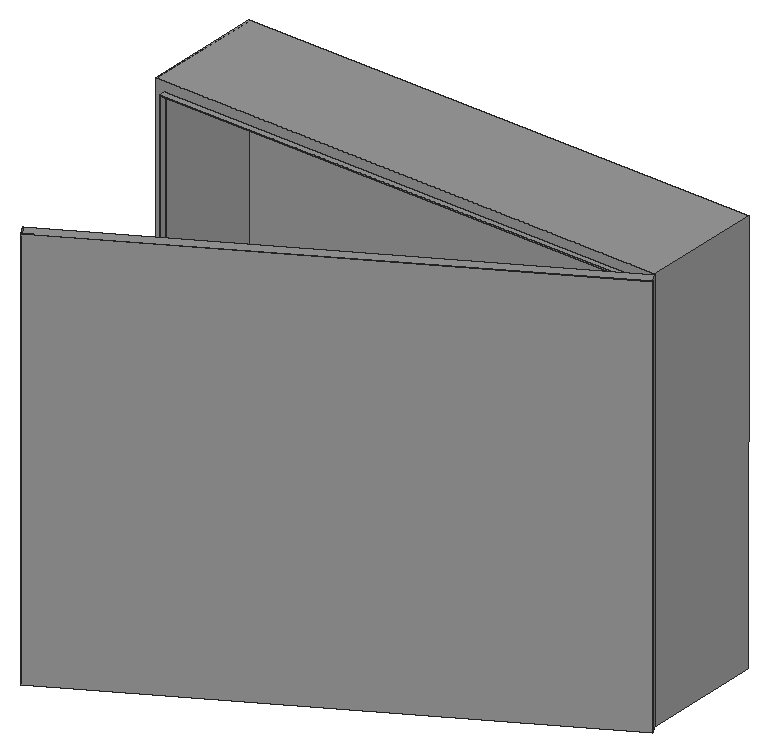
Revit family "Hager-Univers-IP44-D205-H650-Cl.I-Encl-NoHosted-AT-de", category Equipement électrique, Revit 2020
Family settings
  Configuration du panneau = Deux colonnes, circuits au sein
  Cote de connecteur circulaire = Utiliser le diamètre
  Type d'élément = Tableau de raccordement
  Basée sur le plan de construction = Oui
  Toujours verticalement = Oui
  Couper avec des vides une fois chargée = Non
  Partagée = Non
  Point de calcul de pièce = Non
Parameters (values of type "Aufputz IP44 B800 H650 T205  - FP43TN2")
  Width Control [instance] = if([EF000008 - Breite] > Min Width, [EF000008 - Breite], Min Width)  # 800 mm
  Commentaires du type = [HG000003 - Bereich]  # "Univers"
  Thickness Door [instance] = if([EF009171 - Materialstärke Tür/Deckel] > 3 mm, 3 mm, [EF009171 - Materialstärke Tür/Deckel])  # 1 mm
  Seal Frame Offset [instance] = 17 mm  # constant formula
  Plinth Visibility [instance] = [HG000027 - Sockelhöhe] > 0 mm  # no
  Min Width [instance] = 100 mm  # constant formula
  Min Depth [instance] = (2 * [EF009170 - Materialstärke Gehäuse]) + 1 mm  # 3 mm
  Min Height [instance] = 100 mm  # constant formula
  Internal Frame Depth [instance] = (Door System Depth * 0.5)  # 9 mm
  Panel Name [instance] = ""  # (empty or 0)
  Model = ""
  HG000027 - Sockelhöhe = 0 mm
  HG000026 - Stehend auf dem Boden = no
  HG000024 - Höhe des unteren Teils = 600 mm
  HG000023 - Gehäuse mit doppeltem Querschnitt = no
  HG000016 - 3D-Türsichtbarkeit [instance] = yes
  HG000015 - Sichtbarkeit der Türöffnung [instance] = no
  HG000014 - Tür rechts [instance] = yes
  HG000013 - Tür links [instance] = not([HG000014 - Tür rechts])  # no
  HG000012 - Türschwenkwinkel [instance] = 30.00°
  HG000010 - Asymmetrische Türen = no
  HG000009 - Doppelflügeligen Tür = no
  HG000006 - Unterputz = no
  HG000004 - Herstellerreferenz = "FP43TN2"
  HG000003 - Bereich = "Univers"
  HG000002 - Mit tür = yes
  Frame Offset Bottom [instance] = 10 mm  # constant formula
  Frame Offset [instance] = 15 mm  # constant formula
  EF015940 - Deckel mit Überdruckentlastung = no
  EF011959 - Schutzart (NEMA) = ""
  EF009554 - Anzahl der Öffnungen für Flanschplatten = 6
  EF009212 - Ausführung Deckel = "EV000116 - geschlossen"
  EF009171 - Materialstärke Tür/Deckel = 1 mm
  EF009170 - Materialstärke Gehäuse = 1 mm
  EF008873 - Nennstrom (In) = 250 A
  EF007800 - Geeignet für Blitzschutz = no
  EF006306 - Mit Schloss = no
  EF006244 - Transparenter Deckel/Tür = no
  EF005474 - Schutzart (IP) = "EV006418 - IP44"
  EF004464 - Art der Tür = "EV002646 - Einzel"
  EF004427 - Anzahl der Module = 144
  EF004293 - Schlagfestigkeit = "EV006815 - IK09"
  EF003532 - Geeignet für Außengebrauch = no
  EF002950 - Breite in Teilungseinheiten = 36
  EF001613 - Funktionserhalt = "EV000494 - ohne"
  EF001596 - Werkstoff des Gehäuses = "EV000179 - Stahl"
  EF001131 - Innentiefe = 205 mm
  EF001088 - Anbaumöglichkeit = yes
  EF000437 - Anzahl der Leitungseinführungen = 6
  EF000339 - Art der Abdeckung = "EV001012 - Deckel"
  EF000266 - Anzahl der Reihen = 4
  EF000218 - Einbautiefe = 205 mm
  EF000118 - Mit Montageplatte = no
  EF000116 - RAL-Nummer = "9010"
  EF000049 - Tiefe = 205 mm
  EF000040 - Höhe = 650 mm
  EF000008 - Breite = 800 mm
  EF000007 - Farbe = "EV000202 - weiß"
  EF000003 - Montageart = "EV000384 - Aufputz"
  Door System Leaf Tolerance [instance] = 1.5 mm  # constant formula
  Door System Depth [instance] = 18 mm  # constant formula
  Door Height [instance] = Height Control - [HG000027 - Sockelhöhe]  # 650 mm
  Description = ""
  Default Elevation = 1219.2 mm
  Connector Offset [instance] = Height Control / 2  # 325 mm
  Fabricant = "Hager"  # constant formula
  Height Control [instance] = if([EF000040 - Höhe] > Min Height, [EF000040 - Höhe], Min Height)  # 650 mm
  Depth Control [instance] = if([EF000049 - Tiefe] > Min Depth, [EF000049 - Tiefe], Min Depth)  # 205 mm
  Bottom Top Plate Trim [instance] = 1.5 mm  # constant formula
  Plinth height Ctrl [instance] = if([HG000027 - Sockelhöhe] > 0 mm, [HG000027 - Sockelhöhe], 12 mm)  # 12 mm
Types (3, lengths in mm): name | Width Control | HG000009 - Doppelflügeligen Tür | HG000004 - Herstellerreferenz | EF009554 - Anzahl der Öffnungen für Flanschplatten | EF004464 - Art der Tür | EF004427 - Anzahl der Module | EF002950 - Breite in Teilungseinheiten | EF000437 - Anzahl der Leitungseinführungen | EF000008 - Breite
  Aufputz IP44 B1050 H650 T205  - FP44TN2 | 1050 | yes | "FP44TN2" | 8 | "EV003602 - Doppel" | 192 | 48 | 8 | 1050
  Aufputz IP44 B550 H650 T205  - FP42TN2 | 550 | no | "FP42TN2" | 4 | "EV002646 - Einzel" | 96 | 24 | 4 | 550
  Aufputz IP44 B800 H650 T205  - FP43TN2 | 800 | no | "FP43TN2" | 6 | "EV002646 - Einzel" | 144 | 36 | 6 | 800
Reference planes
  plane 1 "Center (Front/Back)": y = 0
  plane 2: z = 0
  plane 3 "Center (Left/Right)": x = 0
  plane 4: y = 0
  plane 5: y = 0
  plane 6: z = 0
  plane 7: x = -400
  plane 8: x = 400
  plane 9: x = 399
  plane 10: x = -399
  plane 11: z = 0
  plane 12: z = 1
  plane 13: y = -205
  plane 14: y = -1
  plane 15: x = 0
  plane 16: y = -187
  plane 17: y = -204
  plane 18: y = -186
  plane 19: x = -384
  plane 20: x = 384
  plane 21: z = 11
  plane 22: x = -383
  plane 23: x = 383
  plane 24: z = 0
  plane 25: z = 650
  plane 26: z = 650
  plane 27: z = 634
  plane 28: z = 649
Forms (mm)
  Extrusion 1, solid, material "Hager_Steel_RAL7035_Light_Grey", detail levels medium+fine
    sketch origin (-208.679, -4572, 0) x (-1, 0, 0) y (0, -1, 0)
      loop
        line (191.321, -4385) -> (-608.679, -4385) -> (-608.679, -4572) -> (191.321, -4572) -> (191.321, -4385)
    from 0 to 650
  Extrusion 2, void
    sketch origin (-350.771, -205, 1219.2) x (1, 0, 0) y (0, 0, 1)
      loop
        line (-48.229, -570.2) -> (-48.229, -1218.2) -> (749.771, -1218.2) -> (749.771, -570.2) -> (-48.229, -570.2)
    from -19 to -204
  Extrusion 3, void
    sketch origin (-290.084, -187, 1219.2) x (1, 0, 0) y (0, 0, 1)
      loop
        line (-93.916, -1208.2) -> (674.084, -1208.2) -> (674.084, -585.2) -> (-93.916, -585.2) -> (-93.916, -1208.2)
    from 0 to -1
  Extrusion 4, solid, material "Hager_Steel_RAL7035_Light_Grey", visible <- "Plinth Visibility", detail levels medium+fine
    sketch origin (0, 0, 0) x (1, 0, 0) y (0, 1, 0)
      loop
        line (-400, 0) -> (-400, -187) -> (400, -187) -> (400, 0) -> (-400, 0)
    from 0 to 12 <- "Plinth height Ctrl"
  Extrusion 5, solid, material "Hager_Steel_RAL7035_Light_Grey", detail levels coarse
    sketch origin (0, 0, 0) x (1, 0, 0) y (0, 1, 0)
      loop
        line (-400, 0) -> (-400, -205) -> (400, -205) -> (400, 0) -> (-400, 0)
    from 0 to 650 <- "Height Control"
  Sweep 6, void
    path in 3D
      loop
        line (-400, -187, 12) -> (400, -187, 12) -> (400, 0, 12) -> (-400, 0, 12) -> (-400, -187, 12)
    profile origin (-400, -93.5, 12) x (1, 0, 0) y (0, 0, 1)
      loop
        line (0, 0) -> (0, -1.5) -> (1.5, -1.5)
        arc (1.5, -1.5) -> (1.061, -0.439) -> (0, 0) r 1.5
  Extrusion 7, solid, material "Hager_Steel_RAL7035_Light_Grey", detail levels fine
    sketch origin (-400, -187, 0) x (1, 0, 0) y (0, 0, 1)
      loop
        line (16, 11) -> (784, 11) -> (784, 634) -> (16, 634) -> (16, 11)
      loop
        line (15, 10) -> (785, 10) -> (785, 635) -> (15, 635) -> (15, 10)
    from 0 to 9 <- "Internal Frame Depth"
Cuts and joins
  Extrusion 2, Extrusion 3 cuts Extrusion 1
  Sweep 6 cuts Extrusion 4
Lines and regions (mm)
  Masking region 1
    outline origin (0, 0, 0) x (1, 0, 0) y (0, 1, 0)
      loop
        line (-400, 0) -> (-400, -205) -> (400, -205) -> (400, 0) -> (-400, 0)
  Masking region 2, detail levels coarse
    outline origin (-290.084, -187, 1219.2) x (-1, 0, 0) y (0, 0, 1)
      loop
        line (-690.084, -1219.2) -> (109.916, -1219.2) -> (109.916, -569.2) -> (-690.084, -569.2) -> (-690.084, -1219.2)
  Masking region 3, detail levels coarse
    outline origin (0, 0, 0) x (0, 1, 0) y (0, 0, 1)
      loop
        line (0, 0) -> (0, 650) -> (-205, 650) -> (-205, 0) -> (0, 0)
  Masking region 4, visible <- "Plinth Visibility", detail levels medium+fine
    outline origin (0, 0, 0) x (0, 1, 0) y (0, 0, 1)
      loop
        line (-1.5, 12) -> (-185.5, 12)
        arc (-185.5, 12) -> (-185.939, 10.939) -> (-187, 10.5) r 1.5
        line (-187, 10.5) -> (-187, 0) -> (0, 0) -> (0, 10.5)
        arc (0, 10.5) -> (-1.061, 10.939) -> (-1.5, 12) r 1.5
  Masking region 5, detail levels medium+fine
    outline origin (0, 0, 594.038) x (0, 1, 0) y (0, 0, 1)
      loop
        line (0, -594.038) -> (0, 55.962) -> (-187, 55.962) -> (-187, -594.038) -> (0, -594.038)
  Masking region 6, detail levels medium+fine
    outline origin (-359.7, -187, 1211.883) x (-1, 0, 0) y (0, 0, 1)
      loop
        line (-759.7, -1211.883) -> (40.3, -1211.883) -> (40.3, -561.883) -> (-759.7, -561.883) -> (-759.7, -1211.883)
  Masking region 7, visible <- "Plinth Visibility", detail levels medium+fine
    outline origin (-320.334, -187, 1041.368) x (-1, 0, 0) y (0, 0, 1)
      loop
        line (-720.334, -1041.368) -> (79.666, -1041.368) -> (79.666, -1030.868)
        arc (79.666, -1030.868) -> (78.606, -1030.429) -> (78.166, -1029.368) r 1.5
        line (78.166, -1029.368) -> (-718.834, -1029.368)
        arc (-718.834, -1029.368) -> (-719.273, -1030.429) -> (-720.334, -1030.868) r 1.5
        line (-720.334, -1030.868) -> (-720.334, -1041.368)
  sketch lines
    curve 1: line (-400, 0, 12) -> (-400, -187, 12)
    curve 2: line (-400, -187, 12) -> (400, -187, 12)
    curve 3: line (400, 0, 12) -> (-400, 0, 12)
    curve 4: line (400, -187, 12) -> (400, 0, 12)
Dimensions and locks
  locked: plane 1 "Center (Front/Back)" to plane 5
  "EF009170 - Materialstärke Gehäuse": plane 7 to plane 10
  "EF009170 - Materialstärke Gehäuse": plane 8 to plane 9
  equal spacing: plane 7, plane 3 "Center (Left/Right)", plane 8
  "Width Control": plane 7 to plane 8
  "Depth Control": plane 4 to plane 13
  "EF009170 - Materialstärke Gehäuse": plane 4 to plane 14
  "Height Control": plane 25 to level
  "HG000027 - Sockelhöhe": plane 11 to level
  "EF009170 - Materialstärke Gehäuse": plane 12 to plane 11
  "EF009170 - Materialstärke Gehäuse": plane 17 to plane 13
  "EF009170 - Materialstärke Gehäuse": plane 18 to plane 16
  "Frame Offset Bottom": plane 21 to plane 12
  "Frame Offset": plane 10 to plane 19
  "Frame Offset": plane 9 to plane 20
  "Door System Depth": plane 16 to plane 13
  "Seal Frame Offset": plane 7 to plane 22
  "Seal Frame Offset": plane 8 to plane 23
  "EF009170 - Materialstärke Gehäuse": plane 26 to plane 28
  "Frame Offset": plane 28 to plane 27
  "Connector Offset": plane 2 to connector elem
  "Bottom Top Plate Trim": profile plane to Sweep 6 sketch curve
  "Bottom Top Plate Trim": Sweep 6 sketch curve to Sweep 6 sketch curve
  "Plinth height Ctrl": Masking region 4 sketch curve to level
  "Plinth height Ctrl": Masking region 7 sketch curve to level
  "Thickness Door": Extrusion 7 sketch curve to Extrusion 7 sketch curve  (x4)
  "Bottom Top Plate Trim": radius of Sweep 6 sketch curve
  "Bottom Top Plate Trim": radius of Masking region 4 sketch curve  (x2)
  "Bottom Top Plate Trim": radius of Masking region 7 sketch curve  (x2)
  aligned and locked: Extrusion 2 sketch curve to plane 12
  aligned and locked: Extrusion 2 sketch curve to plane 9
  aligned and locked: Extrusion 2 sketch curve to plane 10
  aligned and locked: Extrusion 2 to plane 14
  aligned and locked: Extrusion 1 sketch curve to plane 4
  aligned and locked: plane 8 to Extrusion 1 sketch curve
  aligned and locked: plane 7 to Extrusion 1 sketch curve
  aligned and locked: Extrusion 2 to plane 18
  aligned and locked: Extrusion 3 sketch curve to plane 19
  aligned and locked: plane 20 to Extrusion 3 sketch curve
  aligned and locked: Extrusion 3 to Extrusion 2
  aligned and locked: Extrusion 3 sketch curve to plane 21
  aligned and locked: plane 3 "Center (Left/Right)" to nested 1
  aligned and locked: Extrusion 1 sketch curve to plane 16
  aligned and locked: Extrusion 4 sketch curve to cut or joined group of Extrusion 1, Extrusion 2, Extrusion 3
  aligned and locked: Masking region 1 sketch curve to plane 7
  aligned and locked: Masking region 1 sketch curve to plane 5
  aligned and locked: Masking region 1 sketch curve to plane 8
  aligned and locked: Masking region 2 sketch curve to level
  aligned and locked: level to Masking region 3 sketch curve
  aligned and locked: plane 1 "Center (Front/Back)" to Masking region 3 sketch curve
  aligned and locked: plane 13 to Masking region 3 sketch curve
  aligned and locked: plane 5 to Masking region 4 sketch curve
  aligned and locked: Masking region 2 sketch curve to plane 8
  aligned and locked: Masking region 2 sketch curve to plane 7
  aligned and locked: plane 7 to nested 2
  aligned and locked: nested 2 to plane 5
  aligned and locked: plane 5 to Masking region 5 sketch curve
  aligned and locked: plane 26 to Masking region 5 sketch curve
  aligned and locked: Extrusion 5 sketch curve to plane 8
  aligned and locked: Extrusion 5 sketch curve to plane 7
  aligned and locked: Extrusion 5 sketch curve to plane 5
  aligned and locked: Extrusion 3 sketch curve to plane 27
  aligned and locked: Extrusion 2 sketch curve to plane 28
  aligned and locked: Masking region 2 to plane 25
  aligned and locked: Extrusion 4 to plane 16
  aligned and locked: profile plane to Sweep 6 sketch curve
  aligned and locked: Masking region 5 sketch curve to plane 24
  aligned and locked: level to Masking region 4 sketch curve
  aligned and locked: Masking region 1 to plane 13
  aligned and locked: nested 1 to plane 16
  aligned and locked: Masking region 3 to plane 25
  aligned and locked: plane 16 to Masking region 4 sketch curve
  aligned and locked: Masking region 5 sketch curve to plane 16
  aligned and locked: plane 24 to plane 11
  aligned and locked: plane 26 to plane 25
  aligned and locked: plane 26 to cut or joined group of Extrusion 1, Extrusion 2, Extrusion 3
  aligned and locked: nested 1 to plane 24
  aligned and locked: Extrusion 1 to Extrusion 3
  aligned and locked: Masking region 6 sketch curve to plane 8
  aligned and locked: Masking region 6 sketch curve to plane 24
  aligned and locked: Masking region 6 sketch curve to plane 7
  aligned and locked: Masking region 6 sketch curve to plane 26
  aligned and locked: Masking region 7 sketch curve to plane 7
  aligned and locked: level to Masking region 7 sketch curve
  aligned and locked: Masking region 7 sketch curve to plane 8
  aligned and locked: Extrusion 7 sketch curve to cut or joined group of Extrusion 1, Extrusion 2, Extrusion 3  (x4)
Automatic sketch dimensions
  plane 19 to Extrusion 3 sketch curve = 0 mm
  Extrusion 3 sketch curve to plane 20 = 0 mm
  Extrusion 3 sketch curve to plane 21 = 0 mm
  Extrusion 4 sketch curve to plane 7 = 0 mm
  Extrusion 4 sketch curve to plane 8 = 0 mm
  Extrusion 4 sketch curve to plane 16 = 0 mm
  Masking region 1 sketch curve to plane 13 = 0 mm
  Masking region 2 sketch curve to plane 25 = 0 mm
  Masking region 3 sketch curve to plane 25 = 0 mm
  Extrusion 5 sketch curve to plane 13 = 0 mm
  profile plane to Sweep 6 sketch curve = 0 mm
Nested families
  nested 1: "EC000058_Univers_Door" at (0, -187, 0), Double <- "HG000009 - Doppelflügeligen Tür", Transparent <- "EF006244 - Transparenter Deckel/Tür", Angle <- "HG000012 - Türschwenkwinkel", Door_Right <- "HG000014 - Tür rechts", Assymetrical <- "HG000010 - Asymmetrische Türen", Door <- "HG000002 - Mit tür", Width_Ctrl <- "Width Control", 3d_Door <- "HG000016 - 3D-Türsichtbarkeit", Clearance <- "HG000015 - Sichtbarkeit der Türöffnung", Door_Left <- "HG000013 - Tür links", Width <- "Width Control", Door_Depth <- "Door System Depth", Leaf_Tolerance <- "Door System Leaf Tolerance", Height <- "Door Height", Lock_Visibility <- "EF006306 - Mit Schloss", Thickness <- "Thickness Door", type "EC000058_Univers_Door", detail levels medium+fine
    with min_wh 3 mm, Width_Ctrl 800 mm, Width 800 mm, Transparent no, Thickness 1 mm, Seal_Material Hager_Rubber, Lock_Visibility no, Lock_Material Hager_Plastic_RAL9005_Jet_Black, Leaf_Width 800 mm, Leaf_Tolerance_External_Sides 0 mm, Leaf_Tolerance 1.5 mm, Leaf_Offset 0 mm, Leaf_Height 647 mm, Leaf_2_Width 800 mm, Leaf_2_Offset 400 mm, Leaf_1_Width 800 mm, Leaf_1_Offset 400 mm, Height_Ctrl 650 mm, Height 650 mm, Glass_Material Hager_Glass, Double_Clearance_Ctrl no, Double no, Door_Right_Ctrl yes, Door_Right yes, Door_Material Hager_Steel_RAL7035_Light_Grey, Door_Left_Ctrl no, Door_Left no, Door_Depth 18 mm, Door yes, Clearance_Material Hager_Clearance, Clearance_Depth 800 mm, Clearance_Ctrl no, Clearance no, Assymetrical no, Angle 30.00°, 3d_Door yes
  nested 2: "Hager_Enclosure_Symbol" at (-400, 0, 0), Height <- "Depth Control", Width <- "Width Control", type "Hager_Enclosure_Symbol"
    with Width_Ctrl 800 mm, Width 800 mm, Height_Ctrl 205 mm, Height 205 mm, A_Width_Int 13.453 mm, A_Width 161.438 mm, A_Height_Ctrl 179.375 mm, A_Height 179.375 mm
Connectors
  electrical at (0, 0, 325)
    settings: on plane 1 "Center (Front/Back)", index 1, voltage 0 V, apparent load 0 VA, apparent load phase1 0 VA, apparent load phase2 0 VA, apparent load phase3 0 VA, power factor 1, load classification "Other", number of poles 1, system type 30, power factor state 1, is connector primary yes, connector utility no, sub classification motor no, connector description ""
Definition of nested family "EC000058_Univers_Door"
  Parameters (values of type "EC000058_Univers_Door")
    min_wh [instance] = (2 * Thickness) + 1 mm  # 11 mm
    Width_Ctrl [instance] = 400 mm
    Width [instance] = 500 mm
    Transparent [instance] = yes
    Thickness [instance] = 5 mm
    Seal_Material [instance] = none
    Lock_Visibility [instance] = yes
    Lock_Material [instance] = none
    Leaf_Width [instance] = if((Width_Ctrl - 2 * Leaf_Tolerance_External_Sides) > 0 mm, (Width_Ctrl - 2 * Leaf_Tolerance_External_Sides), min_wh)  # 400 mm
    Leaf_Tolerance_External_Sides [instance] = 0 mm  # constant formula
    Leaf_Tolerance [instance] = 1.5 mm
    Leaf_Offset [instance] = 0 mm  # constant formula
    Leaf_Height [instance] = if((Height_Ctrl - 2 * Leaf_Tolerance) > 0 mm, (Height_Ctrl - 2 * Leaf_Tolerance), min_wh)  # 497 mm
    Leaf_2_Width [instance] = if(and(and(Double, Assymetrical), Door_Left), (Leaf_Width / 3) - (Leaf_Tolerance / 2), if(and(and(Double, Assymetrical), Door_Right), (Leaf_Width / 3) * 2 - (Leaf_Tolerance / 2), if(and(Double, not(Assymetrical)), (Leaf_Width / 2) - Leaf_Tolerance, Leaf_Width)))  # 400 mm
    Leaf_2_Offset [instance] = if(and(Double, Assymetrical), Leaf_2_Width / 2, if(and(Double, not(Assymetrical)), Leaf_Width / 4, Leaf_Width / 2))  # 200 mm
    Leaf_1_Width [instance] = if(and(and(Double, Assymetrical), Door_Right), (Leaf_Width / 3) - (Leaf_Tolerance / 2), if(and(and(Double, Assymetrical), Door_Left), (Width / 3) * 2 - (Leaf_Tolerance / 2), if(and(Double, not(Assymetrical)), (Leaf_Width / 2) - Leaf_Tolerance, Leaf_Width)))  # 400 mm
    Leaf_1_Offset [instance] = if(and(Double, Assymetrical), Leaf_1_Width / 2, if(and(Double, not(Assymetrical)), Leaf_Width / 4, Leaf_Width / 2))  # 200 mm
    Height_Ctrl [instance] = if(Height > min_wh, Height, min_wh)  # 500 mm
    Height [instance] = 500 mm
    Glass_Material [instance] = none
    Double_Clearance_Ctrl [instance] = and(Double, Clearance)  # no
    Double [instance] = no
    Door_Right_Ctrl [instance] = and(or(Door_Right, Double), Door)  # yes
    Door_Right [instance] = yes
    Door_Material [instance] = none
    Door_Left_Ctrl [instance] = and(or(Door_Left, Double), Door)  # no
    Door_Left [instance] = no
    Door_Depth [instance] = 30 mm
    Door [instance] = yes
    Default Elevation = 1219.2 mm
    Clearance_Material [instance] = none
    Clearance_Depth [instance] = if(Leaf_1_Width > Leaf_2_Width, Leaf_1_Width, Leaf_2_Width)  # 400 mm
    Clearance_Ctrl [instance] = and(not(Double), Clearance)  # yes
    Clearance [instance] = yes
    Assymetrical [instance] = yes
    Angle [instance] = 30.00°
    3d_Door [instance] = yes
  Reference planes
    plane 1 "Center (Front/Back)": y = 0
    plane 2 "Bottom": z = 0
    plane 3 "Center (Left/Right)": x = 0
    plane 4: z = 500
    plane 5: x = -200
    plane 6: x = 200
    plane 7: z = 500
    plane 8: x = -200
    plane 9: z = 0
    plane 10: x = 200
    plane 11: y = 0
    plane 12: z = 1.5
    plane 13: x = -600
    plane 14: y = -400
    plane 15: x = 600
    plane 16: x = 0
    plane 17: x = 0
    plane 18: x = -200
    plane 19: x = 200
    plane 20: z = 498.5
  Forms (mm)
    Extrusion 1, solid, material <- "Clearance_Material", visible <- "Double_Clearance_Ctrl"
      sketch origin (1200, 0, 0) x (1, 0, 0) y (0, 0, -1)
        loop
          line (-1800, -498.5) -> (-600, -498.5) -> (-600, 0) -> (-1800, 0) -> (-1800, -498.5)
      from 0 to -400
  Dimensions and locks
    equal spacing: plane 5, plane 3 "Center (Left/Right)", plane 6
    "Width_Ctrl": plane 5 to plane 6
    "Leaf_Offset": plane 5 to plane 8
    "Leaf_Offset": plane 6 to plane 10
    "Leaf_Offset": plane 9 to level
    "Leaf_Offset": plane 4 to plane 7
    "Height_Ctrl": plane 4 to level
    "Leaf_Tolerance": plane 12 to plane 9
    locked: plane 11 to plane 1 "Center (Front/Back)"
    "Leaf_1_Offset": plane 18 to plane 16
    "Leaf_2_Offset": plane 17 to plane 19
    "Leaf_1_Width": plane 13 to plane 8
    "Leaf_2_Width": plane 10 to plane 15
    "Clearance_Depth": plane 14 to plane 1 "Center (Front/Back)"
    "Leaf_Tolerance_External_Sides": plane 8 to plane 18
    "Leaf_Tolerance_External_Sides": plane 19 to plane 10
    "Leaf_Tolerance": plane 7 to plane 20
    aligned and locked: level to plane 2 "Bottom"
    aligned and locked: nested 1 to plane 16
    aligned and locked: nested 2 to plane 17
    aligned and locked: Extrusion 1 to plane 13
    aligned and locked: plane 15 to Extrusion 1
    aligned and locked: Extrusion 1 to plane 14
    aligned and locked: plane 12 to nested 1
    aligned and locked: nested 2 to plane 12
    aligned and locked: Extrusion 1 to plane 11
    aligned and locked: plane 20 to Extrusion 1
    aligned and locked: nested 2 to plane 11
    aligned and locked: nested 1 to plane 11
  Automatic sketch dimensions
    Extrusion 1 sketch curve to level = 0 mm
    plane 5 to Extrusion 1 sketch curve = 400 mm
    plane 6 to Extrusion 1 sketch curve = 400 mm
    Extrusion 1 sketch curve to plane 4 = 1.5 mm
  Nested families
    nested 1: "EC000058_Univers_Door_Leaf" at (0, 0, 1.5), Width <- "Leaf_1_Width", visible <- "Door_Left_Ctrl", Leaf_Height <- "Leaf_Height", Angle <- "Angle", 3d_Door <- "3d_Door", Transparent <- "Transparent", Clearance Material <- "Clearance_Material", Clearance <- "Clearance_Ctrl", Door_Material <- "Door_Material", Glass_Material <- "Glass_Material", Door_Depth <- "Door_Depth", Lock_Material <- "Lock_Material", Seal_Material <- "Seal_Material", Lock_Visibility <- "Lock_Visibility", Thickness <- "Thickness", type "EC000058_Univers_Door_Leaf"
      with Width 400 mm, Transparent_Glass_Offset 30 mm, Transparent_Ctrl yes, Transparent yes, Thickness 5 mm, Standard no, Seal_Material none, Seal_D2 8 mm, Seal_D1 1 mm, Offset_Internal_Frame 10 mm, Lock_Width 20 mm, Lock_Visibility_3d yes, Lock_Visibility yes, Lock_Thickness_3 3 mm, Lock_Thickness_2 1 mm, Lock_Thickness_1 3 mm, Lock_Radius_Offset_2 16 mm, Lock_Radius_Offset_1 15 mm, Lock_Radius_2 5 mm, Lock_Radius 6 mm, Lock_Offset 5 mm, Lock_Material none, Lock_Height 80 mm, Lock_Cover_Top_Offset_2d 17 mm, Lock_Cover_Height -65 mm, Leaf_Height 497 mm, Internal_Seal_Thickness 8 mm, Internal_Seal_Depth_2 4.5 mm, Internal_Frame_Depth 25 mm, Glass_Thickness -1 mm, Glass_Offset -2 mm, Glass_Material none, Door_Material none, Door_Depth 30 mm, Clearance Material none, Clearance yes, Angle_Ctrl 30.00°, Angle 30.00°, 3d_Door yes
    nested 2: "EC000058_Univers_Door_Leaf" at (0, 0, 1.5) x (-1, 0, 0) z (0, 0, 1), Width <- "Leaf_2_Width", visible <- "Door_Right_Ctrl", Leaf_Height <- "Leaf_Height", Angle <- "Angle", 3d_Door <- "3d_Door", Transparent <- "Transparent", Clearance Material <- "Clearance_Material", Clearance <- "Clearance_Ctrl", Door_Material <- "Door_Material", Glass_Material <- "Glass_Material", Door_Depth <- "Door_Depth", Lock_Material <- "Lock_Material", Seal_Material <- "Seal_Material", Lock_Visibility <- "Lock_Visibility", Thickness <- "Thickness", type "EC000058_Univers_Door_Leaf"
      with Width 400 mm, Transparent_Glass_Offset 30 mm, Transparent_Ctrl yes, Transparent yes, Thickness 5 mm, Standard no, Seal_Material none, Seal_D2 8 mm, Seal_D1 1 mm, Offset_Internal_Frame 10 mm, Lock_Width 20 mm, Lock_Visibility_3d yes, Lock_Visibility yes, Lock_Thickness_3 3 mm, Lock_Thickness_2 1 mm, Lock_Thickness_1 3 mm, Lock_Radius_Offset_2 16 mm, Lock_Radius_Offset_1 15 mm, Lock_Radius_2 5 mm, Lock_Radius 6 mm, Lock_Offset 5 mm, Lock_Material none, Lock_Height 80 mm, Lock_Cover_Top_Offset_2d 17 mm, Lock_Cover_Height -65 mm, Leaf_Height 497 mm, Internal_Seal_Thickness 8 mm, Internal_Seal_Depth_2 4.5 mm, Internal_Frame_Depth 25 mm, Glass_Thickness -1 mm, Glass_Offset -2 mm, Glass_Material none, Door_Material none, Door_Depth 30 mm, Clearance Material none, Clearance yes, Angle_Ctrl 30.00°, Angle 30.00°, 3d_Door yes
  Definition of nested family "EC000058_Univers_Door_Leaf"
    Parameters (values of type "EC000058_Univers_Door_Leaf")
      Width [instance] = 2000 mm
      Transparent_Glass_Offset [instance] = 30 mm
      Transparent_Ctrl [instance] = and(Transparent, [3d_Door])  # yes
      Transparent [instance] = yes
      Thickness [instance] = 5 mm
      Standard [instance] = and(not(Transparent), [3d_Door])  # no
      Seal_Material [instance] = none
      Seal_D2 [instance] = 8 mm  # constant formula
      Seal_D1 [instance] = 1 mm  # constant formula
      Offset_Internal_Frame [instance] = 10 mm  # constant formula
      Lock_Width [instance] = 20 mm  # constant formula
      Lock_Visibility_3d [instance] = and(Lock_Visibility, [3d_Door])  # yes
      Lock_Visibility [instance] = yes
      Lock_Thickness_3 [instance] = 3 mm  # constant formula
      Lock_Thickness_2 [instance] = 1 mm  # constant formula
      Lock_Thickness_1 [instance] = 3 mm  # constant formula
      Lock_Radius_Offset_2 [instance] = Lock_Radius_Offset_1 + 1 mm  # 16 mm
      Lock_Radius_Offset_1 [instance] = 15 mm  # constant formula
      Lock_Radius_2 [instance] = Lock_Radius - 1 mm  # 5 mm
      Lock_Radius [instance] = 6 mm  # constant formula
      Lock_Offset [instance] = 5 mm  # constant formula
      Lock_Material [instance] = none
      Lock_Height [instance] = 80 mm  # constant formula
      Lock_Cover_Top_Offset_2d [instance] = Lock_Radius_Offset_2 + 1 mm  # 17 mm
      Lock_Cover_Height [instance] = -(Lock_Height - Lock_Radius_Offset_1)  # -65 mm
      Leaf_Height [instance] = 2720.336 mm
      Internal_Seal_Thickness [instance] = 8 mm  # constant formula
      Internal_Seal_Depth_2 [instance] = 4.5 mm  # constant formula
      Internal_Frame_Depth [instance] = if(Door_Depth - Thickness > 5 mm, Door_Depth - Thickness, 5 mm)  # 25 mm
      Glass_Thickness [instance] = if(Thickness > 15 mm, Glass_Offset + 10 mm, -1 mm)  # -1 mm
      Glass_Offset [instance] = if(Thickness > 15 mm, -(Thickness + 10 mm) / 2, -2 mm)  # -2 mm
      Glass_Material [instance] = none
      Door_Material [instance] = none
      Door_Depth [instance] = 30 mm
      Default Elevation = 0 mm
      Clearance Material [instance] = none
      Clearance [instance] = yes
      Angle_Ctrl [instance] = if(Angle > 180.00°, 180.00°, Angle)  # 90.00°
      Angle [instance] = 90.00°
      3d_Door [instance] = yes
    Reference planes
      plane 1 "Center (Front/Back)": y = 0
      plane 2: z = 0
      plane 3 "Center (Left/Right)": x = 0
      plane 4: y = 2000
      plane 5: x = -1000
      plane 6: x = 1000
      plane 7: x = -3000
      plane 8: z = 2720.336
      plane 9: z = 30
      plane 10: z = 2690.336
      plane 11: x = 970
      plane 12: x = -970
      plane 13: y = -3
      plane 14: z = 107.833
      plane 15: y = -5
      plane 16: y = -223.314
      plane 17: x = -1000
      plane 18: z = 1360.168
      plane 19: y = 30
    Forms (mm)
      Extrusion 1, solid, material <- "Clearance Material", visible <- "Clearance"
        sketch origin (0, 0, 0) x (1, 0, 0) y (0, 0, 1)
          loop
            line (-3000, 2720.336) -> (-3000, 0) -> (1000, 0) -> (1000, 2720.336) -> (-3000, 2720.336)
        from 0 to -2000
      Extrusion 2, solid, material <- "Door_Material", visible <- "Standard", detail levels medium+fine
        sketch origin (-1000, 0, 0) x (0, 1, 0) y (-1, 0, 0)
          loop
            line (0, 30) -> (0, 25) -> (2000, 25) -> (2000, 30) -> (0, 30)
        from 0 to 2720.336 <- "Leaf_Height"
      Extrusion 3, solid, material <- "Door_Material", visible <- "Transparent_Ctrl", detail levels medium+fine
        sketch origin (-1000, 0, 0) x (0, 1, 0) y (-1, 0, 0)
          loop
            line (0, 25) -> (2000, 25) -> (2000, 30) -> (0, 30) -> (0, 25)
        from 0 to 2720.336 <- "Leaf_Height"
      Extrusion 4, void
        sketch origin (-1025, 2000, 0) x (0, 1, 0) y (0, 0, -1)
          loop
            line (-30, -2690.336) -> (-30, -30) -> (-1970, -30) -> (-1970, -2690.336) -> (-30, -2690.336)
        from 0 to 5 <- "Thickness"
      Sweep 5, solid, material <- "Seal_Material", visible <- "Transparent_Ctrl", detail levels fine
        path in 3D
          loop
            line (-1025, 30, 30) -> (-1025, 30, 2690.336) -> (-1025, 1970, 2690.336) -> (-1025, 1970, 30) -> (-1025, 30, 30)
        profile origin (-1025, 1000, 30) x (1, 0, 0) y (0, 0, 1)
          loop
            line (0, 0) -> (0, -8) -> (1, -8) -> (1, 0) -> (0, 0)
      Extrusion 6, solid, material <- "Glass_Material", visible <- "Transparent_Ctrl", detail levels medium+fine
        sketch origin (-1030, 0, 0) x (0, 1, 0) y (0, 0, -1)
          loop
            line (1970, -2690.336) -> (1970, -30) -> (30, -30) -> (30, -2690.336) -> (1970, -2690.336)
        from -2 <- "Glass_Offset" to -1 <- "Glass_Thickness"
      Extrusion 7, solid, material <- "Door_Material", visible <- "3d_Door", detail levels medium+fine
        sketch origin (-1025, 2000, 0) x (0, -1, 0) y (0, 0, -1)
          loop
            line (0, -2720.336) -> (2000, -2720.336) -> (2000, 0) -> (0, 0) -> (0, -2720.336)
          loop
            line (1995, -5) -> (5, -5) -> (5, -2715.336) -> (1995, -2715.336) -> (1995, -5)
        from 0 to 25 <- "Internal_Frame_Depth"
      Sweep 8, solid, material <- "Seal_Material", visible <- "Transparent_Ctrl", detail levels fine
        path in 3D
          loop
            line (-1025, 0, 0) -> (-1025, 2000, 0) -> (-1025, 2000, 2720.336) -> (-1025, 0, 2720.336) -> (-1025, 0, 0)
        profile origin (-1025, 0, 1360.168) x (1, 0, 0) y (0, 1, 0)
          loop
            line (0, 10) -> (2.975, 10)
            arc (2.975, 10) -> (4.053, 10.447) -> (4.5, 11.525) r 1.525
            line (4.5, 11.525) -> (4.5, 16.527)
            arc (4.5, 16.527) -> (4.069, 17.569) -> (3.027, 18) r 1.473
            line (3.027, 18) -> (0, 18) -> (0, 10)
      Extrusion 9, solid, material <- "Lock_Material", visible <- "Lock_Visibility_3d", detail levels fine
        sketch origin (-1030, 0, 0) x (0, 1, 0) y (0, 0, -1)
          loop
            arc (1993.5, -1400.168) -> (1994.561, -1399.729) -> (1995, -1398.668) r 1.5
            line (1995, -1398.668) -> (1995, -1320.168) -> (1975, -1320.168) -> (1975, -1398.668)
            arc (1975, -1398.668) -> (1975.439, -1399.729) -> (1976.5, -1400.168) r 1.5
            line (1976.5, -1400.168) -> (1993.5, -1400.168)
        from 3 <- "Lock_Thickness_1" to 0
      Blend 10, solid, material <- "Lock_Material", visible <- "Lock_Visibility_3d", detail levels fine
        base sketch origin (-1033, 0, 0) x (0, 1, 0) y (0, 0, -1)
          loop
            line (1975, -1320.168) -> (1975, -1398.668)
            arc (1975, -1398.668) -> (1975.439, -1399.729) -> (1976.5, -1400.168) r 1.5
            line (1976.5, -1400.168) -> (1993.5, -1400.168)
            arc (1993.5, -1400.168) -> (1994.561, -1399.729) -> (1995, -1398.668) r 1.5
            line (1995, -1398.668) -> (1995, -1320.168) -> (1975, -1320.168)
        top sketch origin (-1033, 0, 0) x (0, 1, 0) y (0, 0, -1)
          loop
            line (1976, -1320.168) -> (1976, -1398.668)
            arc (1976, -1398.668) -> (1976.146, -1399.022) -> (1976.5, -1399.168) r 0.5
            line (1976.5, -1399.168) -> (1993.5, -1399.168)
            arc (1993.5, -1399.168) -> (1993.854, -1399.022) -> (1994, -1398.668) r 0.5
            line (1994, -1398.668) -> (1994, -1320.168) -> (1976, -1320.168)
        from 0 to 1 <- "Lock_Thickness_2"
      Blend 11, solid, material <- "Lock_Material", visible <- "Lock_Visibility_3d", detail levels fine
        base sketch origin (-1034, 0, 0) x (0, 1, 0) y (0, 0, -1)
          loop
            line (1978, -1320.168) -> (1978, -1384.168)
            arc (1978, -1384.168) -> (1985, -1391.168) -> (1992, -1384.168) r 7
            line (1992, -1384.168) -> (1992, -1320.168) -> (1978, -1320.168)
        top sketch origin (-1034, 0, 0) x (0, 1, 0) y (0, 0, -1)
          loop
            line (1991, -1320.168) -> (1979, -1320.168) -> (1979, -1383.168)
            arc (1979, -1383.168) -> (1985, -1389.168) -> (1991, -1383.168) r 6
            line (1991, -1383.168) -> (1991, -1320.168)
        from 0 to 3 <- "Lock_Thickness_3"
      Extrusion 12, solid, material <- "Lock_Material", visible <- "Lock_Visibility_3d", detail levels fine
        sketch origin (-1030, 1975, 1320.168) x (1, 0, 0) y (0, -1, 0)
          loop
            line (-7, -19) -> (-7, -1) -> (0, -1) -> (0, 0) -> (-8, 0) -> (-8, -20) -> (0, -20) -> (0, -19) -> (-7, -19)
        from 0 to -65 <- "Lock_Cover_Height"
      Extrusion 13, void
        sketch origin (-1038, 1995, 1320.168) x (-1, 0, 0) y (0, 0, -1)
          loop
            line (-5, -65) -> (0, -65) -> (-5, -60) -> (-5, -65)
        from 0 to 20 <- "Lock_Width"
      Extrusion 14, void
        sketch origin (-1038, 1975, 1320.168) x (0, -1, 0) y (0, 0, -1)
          loop
            circle (-10, -15.995) r 6
          loop
            circle (-10, -15.995) r 5
        from 0 to 2
      Extrusion 15, solid, material <- "Lock_Material", visible <- "Lock_Visibility_3d", detail levels medium
        sketch origin (-1030, 0, 0) x (0, 1, 0) y (0, 0, -1)
          loop
            arc (1993.5, -1400.168) -> (1994.561, -1399.729) -> (1995, -1398.668) r 1.5
            line (1995, -1398.668) -> (1995, -1320.168) -> (1975, -1320.168) -> (1975, -1398.668)
            arc (1975, -1398.668) -> (1975.439, -1399.729) -> (1976.5, -1400.168) r 1.5
            line (1976.5, -1400.168) -> (1993.5, -1400.168)
        from 8 to 0
    Cuts and joins
      Extrusion 4 cuts Extrusion 3
      Extrusion 13, Extrusion 14 cuts Extrusion 9
      Extrusion 14 cuts Blend 11
      Extrusion 13, Extrusion 14 cuts Extrusion 12
      joined: Extrusion 9, Blend 10, Blend 11, Extrusion 12
      Extrusion 14 cuts Extrusion 15
    Lines and regions (mm)
      Masking region 1, visible <- "Lock_Visibility", detail levels fine
        outline origin (0, 0, 0) x (0, 1, 0) y (0, 0, 1)
          loop
            line (30, 1320.168) -> (33, 1320.168) -> (33, 1400.168) -> (30, 1400.168) -> (30, 1320.168)
      Masking region 2, visible <- "Lock_Visibility", detail levels fine
        outline origin (0, 3.143, 0) x (0, 1, 0) y (0, 0, 1)
          loop
            line (29.857, 1354.168) -> (30.857, 1354.168) -> (30.857, 1366.168) -> (29.857, 1366.168) -> (29.857, 1354.168)
      Masking region 3, detail levels medium+fine
        outline origin (0, 0, 0) x (0, 1, 0) y (0, 0, 1)
          loop
            line (0, 0) -> (30, 0) -> (30, 2720.336) -> (0, 2720.336) -> (0, 0)
      Masking region 4, detail levels medium+fine
        outline origin (0, 0, 0) x (1, 0, 0) y (0, 0, 1)
          loop
            line (-1000, 2720.336) -> (-1000, 0) -> (1000, 0) -> (1000, 2720.336) -> (-1000, 2720.336)
      Masking region 5, visible <- "Lock_Visibility", detail levels fine
        outline origin (-47.116, 0, 0) x (1, 0, 0) y (0, 0, 1)
          loop
            arc (1024.616, 1399.168) -> (1023.556, 1398.729) -> (1023.116, 1397.668) r 1.5
            line (1023.116, 1397.668) -> (1023.116, 1320.168) -> (1041.116, 1320.168) -> (1041.116, 1397.668)
            arc (1041.116, 1397.668) -> (1040.677, 1398.729) -> (1039.616, 1399.168) r 1.5
            line (1039.616, 1399.168) -> (1024.616, 1399.168)
      Masking region 6, visible <- "Lock_Visibility", detail levels medium+fine
        outline origin (-25, 0, 0) x (1, 0, 0) y (0, 0, 1)
          loop
            arc (1001.5, 1400.168) -> (1000.439, 1399.729) -> (1000, 1398.668) r 1.5
            line (1000, 1398.668) -> (1000, 1320.168) -> (1020, 1320.168) -> (1020, 1398.668)
            arc (1020, 1398.668) -> (1019.561, 1399.729) -> (1018.5, 1400.168) r 1.5
            line (1018.5, 1400.168) -> (1001.5, 1400.168)
      Masking region 7, visible <- "Lock_Visibility", detail levels fine
        outline origin (-73.735, 0, 0) x (1, 0, 0) y (0, 0, 1)
          loop
            line (1051.735, 1382.168) -> (1065.735, 1382.168) -> (1065.735, 1384.168)
            arc (1065.735, 1384.168) -> (1058.735, 1391.168) -> (1051.735, 1384.168) r 7
            line (1051.735, 1384.168) -> (1051.735, 1382.168)
      Masking region 8, visible <- "Lock_Visibility", detail levels fine
        outline origin (-73.735, 0, 0) x (1, 0, 0) y (0, 0, 1)
          loop
            line (1052.735, 1382.168) -> (1064.735, 1382.168) -> (1064.735, 1383.168)
            arc (1064.735, 1383.168) -> (1058.735, 1389.168) -> (1052.735, 1383.168) r 6
            line (1052.735, 1383.168) -> (1052.735, 1382.168)
      Masking region 9, visible <- "Lock_Visibility", detail levels fine
        outline origin (-25, 0, 0) x (1, 0, 0) y (0, 0, 1)
          loop
            line (1020, 1320.168) -> (1020, 1382.168) -> (1000, 1382.168) -> (1000, 1320.168) -> (1020, 1320.168)
      Masking region 10, detail levels medium+fine
        outline origin (0, 0, 0) x (1, 0, 0) y (0, 0, 1)
          loop
            circle (985, 1335.144) r 6
      Masking region 11, detail levels fine
        outline origin (0, 0, 0) x (1, 0, 0) y (0, 0, 1)
          loop
            circle (985, 1335.144) r 5
      Masking region 12, visible <- "Lock_Visibility", detail levels fine
        outline origin (0, 12.767, 0) x (0, 1, 0) y (0, 0, 1)
          loop
            line (20.233, 1320.168) -> (21.233, 1320.168) -> (21.233, 1399.168) -> (20.233, 1400.168) -> (20.233, 1320.168)
      Masking region 13, visible <- "Lock_Visibility", detail levels fine
        outline origin (0, 13.767, -10) x (0, 1, 0) y (0, 0, 1)
          loop
            line (20.233, 1330.168) -> (23.233, 1330.168) -> (23.233, 1399.168) -> (20.233, 1402.168) -> (20.233, 1330.168)
      Masking region 14, visible <- "Lock_Visibility", detail levels fine
        outline origin (0, 12.767, -10) x (0, 1, 0) y (0, 0, 1)
          loop
            line (20.233, 1330.168) -> (25.233, 1330.168) -> (25.233, 1399.305) -> (20.233, 1394.305) -> (20.233, 1330.168)
      Masking region 15, visible <- "Lock_Visibility", detail levels medium
        outline origin (0, 0, 0) x (0, 1, 0) y (0, 0, 1)
          loop
            line (30, 1320.168) -> (38, 1320.168) -> (38, 1400.168) -> (30, 1400.168) -> (30, 1320.168)
      Masking region 16, visible <- "Lock_Visibility", detail levels fine
        outline origin (-1000, 0, 0) x (0, 1, 0) y (-1, 0, 0)
          loop
            line (1975, 30) -> (1995, 30) -> (1995, 38) -> (1975, 38) -> (1975, 30)
          loop
            line (1979, 37) -> (1976, 37) -> (1976, 34) -> (1978, 34) -> (1979, 37)
          loop
            line (1994, 37) -> (1991, 37) -> (1992, 34) -> (1994, 34) -> (1994, 37)
      Masking region 17, visible <- "Lock_Visibility", detail levels medium
        outline origin (-1000, 0, 0) x (0, 1, 0) y (-1, 0, 0)
          loop
            line (1975, 30) -> (1995, 30) -> (1995, 38) -> (1975, 38) -> (1975, 30)
      symbolic lines
        curve 1: line (1000, 0, 0) -> (-3000, 0, 0)
        curve 2: arc (1000, 0, 0) -> (-1000, 2000, 0) -> (-3000, 0, 0) r 2000
        curve 4: line (-1030, 0, 0) -> (-1030, 2000, 0)
      reference lines
        curve 3: line (-1000, 0, 0) -> (-1000, 2000, 0)
      symbolic lines, detail levels medium+fine
        curve 5: line (-1030, 2000, 0) -> (-1025, 2000, 0)
        curve 7: line (-1025, 0, 0) -> (-1030, 0, 0)
        curve 8: line (-1025, 0, 0) -> (-1000, 0, 0)
        curve 9: line (-1000, 0, 0) -> (-1000, 2000, 0)
        curve 10: line (-1000, 2000, 0) -> (-1025, 2000, 0)
      symbolic lines, detail levels fine
        curve 6: line (-1025, 2000, 0) -> (-1025, 0, 0)
      sketch lines
        curve 11: line (-1025, 0, 2720.336) -> (-1025, 0, 0)
        curve 12: line (-1025, 2000, 0) -> (-1025, 0, 0)
        curve 13: line (-1025, 2000, 2720.336) -> (-1025, 2000, 0)
        curve 14: line (-1025, 0, 2720.336) -> (-1025, 2000, 2720.336)
        curve 15: line (-1025, 1970, 30) -> (-1025, 30, 30)
        curve 16: line (-1025, 30, 30) -> (-1025, 30, 2690.336)
        curve 17: line (-1025, 1970, 2690.336) -> (-1025, 1970, 30)
        curve 18: line (-1025, 30, 2690.336) -> (-1025, 1970, 2690.336)
      symbolic lines, visible <- "Transparent", detail levels medium+fine
        curve 19: line (-970, 0, 2690.336) -> (970, 0, 2690.336)
        curve 20: line (-970, 0, 30) -> (-970, 0, 2690.336)
        curve 21: line (970, 0, 30) -> (-970, 0, 30)
        curve 22: line (970, 0, 2690.336) -> (970, 0, 30)
    Dimensions and locks
      "Width": plane 1 "Center (Front/Back)" to plane 4
      equal spacing: plane 5, plane 3 "Center (Left/Right)", plane 6
      "Width": plane 5 to plane 6
      "Width": plane 7 to plane 5
      "Leaf_Height": plane 8 to level
      "Width": curve 5 to curve 3
      "Width": curve 3 to curve 3
      plane 8 to plane 10 = 30 mm
      plane 9 to level = 30 mm
      plane 12 to plane 5 = 30 mm
      plane 6 to plane 11 = 30 mm
      Extrusion 1 to Extrusion 4 sketch curve = 30 mm
      "Transparent_Glass_Offset": curve 3 to Extrusion 4 sketch curve
      "Transparent_Glass_Offset": Extrusion 4 sketch curve to cut or joined group of Extrusion 3, Extrusion 4  (x2)
      cut or joined group of Extrusion 3, Extrusion 4 to Extrusion 6 sketch curve = 30 mm
      "Transparent_Glass_Offset": cut or joined group of Extrusion 3, Extrusion 4 to Extrusion 4 sketch curve
      "Thickness": curve 6 to curve 4
      "Thickness": Extrusion 7 sketch curve to Extrusion 7 sketch curve  (x4)
      "Door_Depth": curve 4 to curve 3
      "Offset_Internal_Frame": profile plane to Sweep 8 sketch curve
      "Internal_Seal_Thickness": Sweep 8 sketch curve to Sweep 8 sketch curve
      "Internal_Seal_Depth_2": profile plane to Sweep 8 sketch curve
      "Seal_D1": profile plane to Sweep 5 sketch curve
      "Seal_D2": profile plane to Sweep 5 sketch curve
      "Thickness": Extrusion 2 sketch curve to Extrusion 2 sketch curve
      equal spacing: Extrusion 9 sketch curve, plane 18, Extrusion 9 sketch curve  (x2)
      equal spacing: Masking region 1 sketch curve, plane 18, Masking region 1 sketch curve
      "Lock_Height": Masking region 1 sketch curve to Masking region 1 sketch curve
      "Lock_Radius": Masking region 2 sketch curve to plane 18 to Masking region 2 sketch curve
      Masking region 2 sketch curve to Masking region 1 = 1 mm
      "Door_Depth": plane 19 to plane 1 "Center (Front/Back)"
      "Lock_Thickness_1": Masking region 1 sketch curve to plane 19
      "Lock_Width": Extrusion 9 sketch curve to Extrusion 9 sketch curve
      "Lock_Height": Extrusion 9 sketch curve to Extrusion 9 sketch curve
      "Lock_Offset": cut or joined group of Extrusion 3, Extrusion 4 to Extrusion 9 sketch curve
      equal spacing: plane 8, plane 18, level
      "Lock_Radius_Offset_1": Blend 11 sketch curve to Blend 10
      locked: Blend 10 to Blend 11 sketch curve at 2  (x2)
      locked: var sketch to Blend 11 sketch curve at 1  (x2)
      "Lock_Radius_Offset_2": Blend 11 sketch curve to Blend 10
      locked: Extrusion 12 sketch curve to Extrusion 12 sketch curve at 1  (x3)
      Masking region 6 sketch curve to Masking region 6 sketch curve = 80 mm
      "Lock_Height": Masking region 6 sketch curve to Masking region 6 sketch curve
      "Lock_Width": Masking region 6 sketch curve to Masking region 6 sketch curve
      locked: Masking region 6 to Masking region 5 sketch curve at 1  (x3)
      locked: Masking region 5 to Masking region 7 sketch curve at 2  (x2)
      "Lock_Radius_Offset_1": Masking region 5 to Masking region 7 sketch curve
      "Lock_Radius_Offset_2": Masking region 5 to Masking region 8 sketch curve
      locked: Masking region 7 to Masking region 8 sketch curve at 1  (x2)
      "Lock_Cover_Top_Offset_2d": Masking region 5 to Masking region 9 sketch curve
      equal spacing: Masking region 9, Masking region 10 sketch curve, Masking region 9
      equal spacing: Masking region 9, Masking region 11 sketch curve, Masking region 9
      Extrusion 15 sketch curve to Extrusion 15 sketch curve = 80 mm
      "Lock_Width": Extrusion 15 sketch curve to Extrusion 15 sketch curve
      "Lock_Height": Extrusion 15 sketch curve to Extrusion 15 sketch curve
      equal spacing: Extrusion 15 sketch curve, plane 18, Extrusion 15 sketch curve
      "Lock_Thickness_3": Masking region 13 sketch curve to Masking region 13 sketch curve
      "Lock_Height": Masking region 12 sketch curve to Masking region 12 sketch curve
      locked: Masking region 13 sketch curve to Masking region 1 at 8
      locked: Masking region 14 sketch curve to Masking region 13 at 1
      locked: Masking region 14 sketch curve to Masking region 1 at 10.863
      "Lock_Height": Masking region 15 sketch curve to Masking region 15 sketch curve
      "Lock_Offset": Extrusion 15 sketch curve to cut or joined group of Extrusion 3, Extrusion 4
      "Lock_Offset": plane 6 to Masking region 6 sketch curve
      radius of Sweep 8 sketch curve = 1.525 mm
      radius of Sweep 8 sketch curve = 1.473 mm
      radius of Extrusion 9 sketch curve = 1.5 mm  (x2)
      "Lock_Radius": radius of Extrusion 14 sketch curve
      "Lock_Radius_2": radius of Extrusion 14 sketch curve
      "Lock_Radius": radius of Masking region 10 sketch curve
      "Lock_Radius_2": radius of Masking region 11 sketch curve
      radius of Extrusion 15 sketch curve = 1.5 mm  (x2)
      "Angle_Ctrl": angle plane 1 "Center (Front/Back)" to curve 3
      locked: Masking region 12 sketch curve to Masking region 12 sketch curve (angle 45.00°)
      locked: Masking region 13 sketch curve to Masking region 13 sketch curve (angle 45.00°)
      locked: Masking region 14 sketch curve to Masking region 14 sketch curve (angle 45.00°)
      aligned and locked: level to plane 2
      aligned and locked: Extrusion 1 to curve 1
      aligned and locked: plane 6 to Extrusion 1
      aligned and locked: Extrusion 1 to plane 1 "Center (Front/Back)"
      aligned and locked: plane 4 to Extrusion 1
      aligned and locked: plane 8 to Extrusion 1
      aligned and locked: curve 7 to Extrusion 2 sketch curve
      aligned and locked: curve 5 to Extrusion 2 sketch curve
      aligned and locked: curve 7 to Extrusion 3 sketch curve
      aligned and locked: Extrusion 3 sketch curve to curve 4
      aligned and locked: Extrusion 3 sketch curve to curve 6
      aligned and locked: Extrusion 3 sketch curve to curve 5
      aligned and locked: curve 9 to curve 3
      aligned and locked: Extrusion 7 sketch curve to cut or joined group of Extrusion 3, Extrusion 4  (x4)
      aligned and locked: plane 17 to curve 3
      aligned and locked: plane 1 "Center (Front/Back)" to curve 3
      aligned and locked: plane 17 to plane 5
      aligned and locked: Sweep 8 sketch curve to profile plane
      aligned and locked: Sweep 5 sketch curve to profile plane  (x2)
      aligned and locked: Masking region 1 to Masking region 2 sketch curve
      aligned and locked: plane 19 to Masking region 1 sketch curve
      aligned and locked: plane 1 "Center (Front/Back)" to Masking region 3 sketch curve
      aligned and locked: plane 19 to Masking region 3 sketch curve
      aligned and locked: level to Masking region 3 sketch curve
      aligned and locked: Masking region 3 sketch curve to plane 8
      aligned and locked: plane 17 to Masking region 4 sketch curve
      aligned and locked: level to Masking region 4 sketch curve
      aligned and locked: Masking region 4 sketch curve to plane 8
      aligned and locked: plane 12 to curve 20
      aligned and locked: plane 10 to curve 19
      aligned and locked: plane 11 to curve 22
      aligned and locked: curve 21 to plane 9
      aligned and locked: Extrusion 2 sketch curve to cut or joined group of Extrusion 3, Extrusion 4
      aligned and locked: Blend 10 sketch curve to Extrusion 9  (x4)
      aligned and locked: Extrusion 9 to Blend 10 sketch curve
      aligned and locked: Blend 10 to Blend 11 sketch curve
      aligned and locked: Extrusion 12 sketch curve to Blend 11
      aligned and locked: Extrusion 12 sketch curve to Extrusion 9  (x4)
      aligned and locked: Masking region 5 sketch curve to Masking region 6
      aligned and locked: Masking region 9 sketch curve to Masking region 6  (x3)
      aligned and locked: Masking region 12 sketch curve to Masking region 1
      aligned and locked: Masking region 13 sketch curve to Masking region 1
      aligned and locked: Masking region 12 to Masking region 14
      aligned and locked: Masking region 14 sketch curve to Masking region 1
      aligned and locked: Masking region 15 sketch curve to Masking region 14
      aligned and locked: Masking region 13 sketch curve to Masking region 12
      aligned and locked: Masking region 16 sketch curve to cut or joined group of Extrusion 14, Extrusion 15  (x4)
      aligned and locked: Masking region 16 sketch curve to cut or joined group of Extrusion 9, Blend 10, Blend 11, Extrusion 12, Extrusion 13, Extrusion 14  (x6)
      aligned and locked: cut or joined group of Extrusion 9, Blend 10, Blend 11, Extrusion 12, Extrusion 13, Extrusion 14 to Masking region 16 sketch curve
      aligned and locked: Masking region 17 sketch curve to cut or joined group of Extrusion 14, Extrusion 15  (x3)
      aligned and locked: Masking region 17 sketch curve to cut or joined group of Extrusion 9, Blend 10, Blend 11, Extrusion 12, Extrusion 13, Extrusion 14
      aligned and locked: Masking region 9 to Masking region 8 sketch curve
      aligned and locked: Masking region 9 to Masking region 7 sketch curve
    Automatic sketch dimensions
      plane 1 "Center (Front/Back)" to curve 2 = 0 mm
      curve 2 to plane 5 = 0 mm
      Extrusion 1 sketch curve to level = 0 mm
      Extrusion 1 sketch curve to plane 7 = 0 mm
      Extrusion 1 sketch curve to plane 6 = 0 mm
      Extrusion 1 sketch curve to plane 8 = 0 mm
      Extrusion 3 to Extrusion 6 sketch curve = 30 mm  (x4)
      Masking region 4 sketch curve to plane 6 = 0 mm
      Blend 10 sketch curve to Extrusion 9 = 1.5 mm
      Blend 10 sketch curve to Extrusion 9 = 1 mm
      Extrusion 13 sketch curve to Extrusion 12 = 0 mm  (x2)
      Extrusion 12 to Extrusion 13 sketch curve = 3 mm
      Extrusion 13 sketch curve to Extrusion 12 = 5 mm
      Extrusion 14 sketch curve to Extrusion 14 sketch curve = 0 mm  (x2)
      Extrusion 14 sketch curve to Extrusion 12 = 10 mm
      Extrusion 14 sketch curve to Extrusion 12 = 15.995 mm
      Masking region 5 sketch curve to Masking region 5 sketch curve = 1.5 mm  (x2)
      Masking region 10 sketch curve to plane 18 = 25.024 mm
      Masking region 11 sketch curve to plane 18 = 25.024 mm
      plane 19 to Masking region 14 sketch curve = 3 mm
      Masking region 16 sketch curve to Masking region 16 sketch curve = 3 mm
      curve 4 to curve 3 = 0 mm
      Blend 10 to Blend 11 sketch curve = 0 mm
      Masking region 6 sketch curve to Masking region 6 sketch curve = 1.5 mm  (x2)
      Masking region 6 sketch curve to plane 18 = 40 mm
      plane 19 to Masking region 12 sketch curve = 3 mm
      Masking region 12 sketch curve to Masking region 12 sketch curve = 1 mm
      Masking region 15 sketch curve to plane 19 = 0 mm
      Masking region 15 sketch curve to plane 18 = 40 mm
      radius of Blend 10 sketch curve to Extrusion 9 = 1 mm
Definition of nested family "Hager_Enclosure_Symbol"
  Parameters (values of type "Hager_Enclosure_Symbol")
    Width_Ctrl [instance] = if(Width > 1 mm, Width, 1 mm)  # 102.27 mm
    Width [instance] = 102.27 mm
    Height_Ctrl [instance] = if(Height > 1 mm, Height, 1 mm)  # 66.5 mm
    A_Width_Int [instance] = if(A_Width / 12 > 2 mm, A_Width / 12, 2 mm)  # 4.364 mm
    A_Width [instance] = if(A_Height_Ctrl * 0.9 > 2 mm, A_Height_Ctrl * 0.9, 2 mm)  # 52.369 mm
    A_Height_Ctrl [instance] = if(A_Height > 2 mm, A_Height, 2 mm)  # 58.188 mm
    Height [instance] = 66.5 mm
    A_Height [instance] = Height - (Height / 8)  # 58.188 mm
  Reference planes
    plane 1 "Centre (avant/arrière)": y = 0
    plane 2: z = 0
    plane 3 "Centre (gauche/droite)": x = 0
    plane 4: x = 52.369
    plane 5: y = 33.042
    plane 6: y = 41.77
    plane 7: y = 66.5
    plane 8: x = 26.184
    plane 9: y = 37.406
    plane 10: x = 102.27
    plane 11: y = 66.5
    plane 12: y = 8.313
  Lines and regions (mm)
    Filled region 1, type "Solid_Black", in view "Niveau de réf."
      outline origin (0, 0, 0) x (1, 0, 0) y (0, 1, 0)
        loop
          line (52.369, 66.5) -> (33.188, 54.536) -> (45.365, 45.006) -> (52.369, 66.5)
    Filled region 2, type "Solid_Black", in view "Niveau de réf."
      outline origin (0, 0, 0) x (1, 0, 0) y (0, 1, 0)
        loop
          line (0, 0) -> (102.27, 0) -> (102.27, 66.5) -> (0, 0)
    detail lines, in view "Niveau de réf."
      curve 1: line (0, 8.313, 0) -> (26.184, 41.77, 0)
      curve 2: line (26.184, 41.77, 0) -> (26.184, 33.042, 0)
      curve 3: line (26.184, 33.042, 0) -> (52.369, 66.5, 0)
  Dimensions and locks
    "A_Width": plane 3 "Centre (gauche/droite)" to plane 4
    equal spacing: plane 3 "Centre (gauche/droite)", plane 8, plane 4
    equal spacing: plane 6, plane 9, plane 5
    equal spacing: curve 3, Filled region 1 sketch curve, Filled region 1 sketch curve
    "Height_Ctrl": plane 1 "Centre (avant/arrière)" to plane 11
    "A_Height_Ctrl": plane 11 to plane 12
    equal spacing: plane 11, plane 9, plane 12
    "A_Width_Int": plane 6 to plane 9
    "Width_Ctrl": plane 3 "Centre (gauche/droite)" to plane 10
    angle Filled region 1 sketch curve to curve 3 = 20.00°
    angle curve 3 to Filled region 1 sketch curve = 20.00°
    locked: curve 3 to Filled region 1 sketch curve (angle 90.00°)
    aligned and locked: plane 10 to Filled region 2
    aligned and locked: plane 11 to Filled region 2 sketch curve
    aligned and locked: plane 10 to Filled region 2 sketch curve
    aligned and locked: plane 3 "Centre (gauche/droite)" to curve 1
    aligned and locked: plane 12 to curve 1
    aligned and locked: plane 7 to plane 11
  Automatic sketch dimensions
    Filled region 1 sketch curve to plane 4 = 0 mm
    Filled region 1 sketch curve to plane 7 = 0 mm
    plane 1 "Centre (avant/arrière)" to Filled region 2 sketch curve = 0 mm
    Filled region 2 sketch curve to plane 3 "Centre (gauche/droite)" = 0 mm
    curve 2 to plane 6 = 0 mm
    curve 2 to plane 8 = 0 mm
    curve 3 to plane 4 = 0 mm
    curve 2 to plane 5 = 0 mm
    curve 3 to plane 7 = 0 mm
